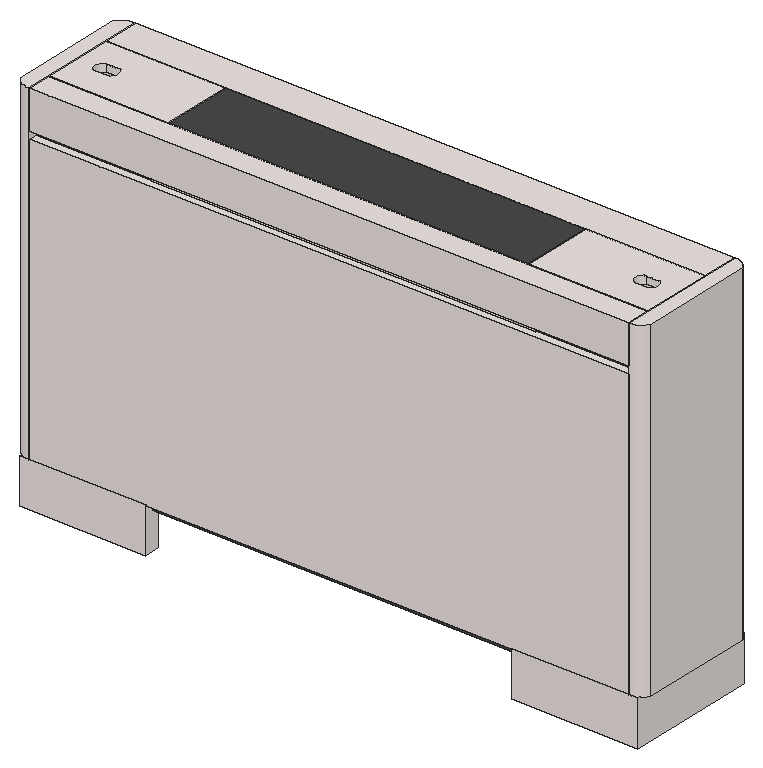
Revit family
Parameters (values of type "PFFY-P06NEMU-E")
  Width = 41 11/32"
  Type x Quantity = "Sirocco fan x 1"
  Subcategory = "HVAC"  # constant formula
  Specification URL = "http://www.mrslim.com/customerCare/resources.asp"
  Sound Pressure Levels (dB(A)) = "36 - 41 "
  SmartBIM Object Version = 3  # constant formula
  SmartBIM Object Created By = "Reed Construction Data"  # constant formula
  Power Source = "208/230, 1, 60"  # constant formula
  Manufacturer URL = "http://www.mrslim.com/customerCare/resources.asp"
  MCA = "0.32/0.34"
  MOCP = "15"
  Power Consumption Heating = "0.051 / 0.061 kW"
  Power Consumption Cooling = "0.051 / 0.061 kW"
  Model = "PFFY-P06NEMU-E"
  Manufacturer = "Mitsubishi Electric"  # constant formula
  Installation URL = "http://www.mrslim.com/customerCare/resources.asp"
  GENERAL FEATURE -01 = "R410A refrigerant"  # constant formula
  GENERAL FEATURE -02 = "Sizes P12 and up compatible with R22 refrigerant"  # constant formula
  GENERAL FEATURE -03 = "Floor-mounted “Low-Boy” unit is very compact"  # constant formula
  GENERAL FEATURE -04 = "Two-speed fan settings"  # constant formula
  GENERAL FEATURE -05 = "Multiple sizes up to 24,000 Btu/h"  # constant formula
  GENERAL FEATURE -06 = "Quiet operation: 36 - 46 dB(A)"  # constant formula
  Fan capacity (CFM) = "194-229"
  Fan Type = "Single phase induction motor"
  Fan Output = "0.015 kW"
  Unit Weight (LBS) = "51"
  Liquid Pipe Radius = 65/256"
  Refrigerant Pipe diameter (Liquid) = "1/4\""
  Height = 24 13/16"  # constant formula
  Heating Capacity (BTU) = "6700 "
  Gas pipe Radius = 1/2"
  Refrigerant Pipe diameter (Gas) = "1/2\""
  External Finish = Acrylic Paint
  Drainpipe Dimension = "1 1/32\""
  Drain Hose Radius = 101/128"
  Drain Hose = Steel Semi Polished
  Description = "Floor Mounted Exposed"  # constant formula
  Depth = 8 11/16"  # constant formula
  Power Current Heating = "0.25 / 0.27 A"
  Power Current Cooling = "0.25 / 0.27 A"
  Default Elevation = 48"
  Assembly Code = "D3050200"
  *Heating Capacity Condition = "Heating: Indoor 70°F (21°C) DB, Outdoor 47°F (8°C) DB / 43°F (6°C) WB"  # constant formula
  *Cooling Capacity Condition = "Cooling: Indoor 80°F (27°C) DB / 67°F (19°C) WB, Outdoor 95°F (35°C) DB"  # constant formula
  Cooling Capacity (BTU) = "6000 "
  Floor Mounting Hole Pitch = 25 25/128"
  Airflow Rate (Low - High) = "194 - 229 CFM"
  Air Supply Grille Depth = 4 185/256"
  Air Filter Width = 24 1/64"
  Air Supply Grille Width = 23 159/256"
  Air Supply Grille = Grille Meterial
  Air Filter Depth = 7 173/256"
  Air Filter = "Standard"
  95 CSI = "15760"  # constant formula
  04 CSI = "23 82 19"  # constant formula
  ** Ventilation Air condition = "providing sufficient ventilation air is an important part of every providing sufficient ventilation air is an important part of every requirements. Also check local codes."  # constant formula
Types (6): name | Width | Sound Pressure Levels (dB(A)) | MCA | Model | Fan capacity (CFM) | Unit Weight (LBS) | Refrigerant Pipe diameter (Liquid) | Heating Capacity (BTU) | Refrigerant Pipe diameter (Gas) | Cooling Capacity (BTU) | Floor Mounting Hole Pitch | Air Filter Width | Air Supply Grille Width
  PFFY-P06NEMU-E | 41 11/32" | "36 - 41 " | "0.32/0.34" | "PFFY-P06NEMU-E" | "194-229" | "51" | "1/4\"" | "6700 " | "1/2\"" | "6000 " | 25 25/128" | 24 1/64" | 23 159/256"
  PFFY-P08NEMU-E | 41 11/32" | "36 - 41 " | "0.32/0.34" | "PFFY-P08NEMU-E" | "194-229" | "51" | "1/4\"" | "9000" | "1/2\"" | "8000" | 25 25/128" | 24 1/64" | 23 159/256"
  PFFY-P12NEMU-E | 46 3/32" | "37 - 41 " | "0.34/0.38" | "PFFY-P12NEMU-E" | "247-317" | "56" | "1/4\"" | "13500" | "1/2\"" | "12000" | 29 59/64" | 28 189/256" | 28 89/256"
  PFFY-P15NEMU-E | 46 3/32" | "38-43" | "0.40/0.44" | "PFFY-P15NEMU-E" | "300-388" | "58" | "1/4\"" | "13500" | "1/2\"" | "12000" | 29 59/64" | 28 189/256" | 28 89/256"
  PFFY-P18NEMU-E | 55 17/32" | "38-43" | "0.48/0.53" | "PFFY-P18NEMU-E" | "353-459" | "67" | "1/4\"" | "20000" | "1/2\"" | "18000" | 39 95/256" | 38 3/16" | 37 51/64"
  PFFY-P24NEMU-E | 55 17/32" | "40-46" | "0.59/0.64" | "PFFY-P18NEMU-E" | "353-494" | "71" | "3/8\"" | "27000" | "5/8\"" | "24000" | 39 95/256" | 38 3/16" | 37 51/64"
Reference planes (in)
  plane 1 "Center (Front/Back)": y = 6.10643
  plane 2: z = 0
  plane 3 "Center (Left/Right)": x = -5.42807
  plane 4: x = -26.09994
  plane 5: x = 15.24381
  plane 6: y = 14.79393
  plane 7: y = 10.45018
  plane 8: z = 24.8125
  plane 9: x = -25.09994
  plane 10: x = 14.24381
  plane 11: z = 2.95276
  plane 12: x = -25.70624
  plane 13: x = 14.85011
  plane 14: y = 7.68124
  plane 15: y = 12.43173
  plane 16: z = 3.93701
  plane 17: y = 6.59856
  plane 18: y = 14.27573
  plane 19: z = 21.8125
  plane 20: z = 22.28494
  plane 21: z = 23.06299
  plane 22: z = 3.44488
  plane 23: x = -17.43852
  plane 24: x = 6.58239
  plane 25: z = 2.46063
  plane 26: z = 24.32037
Forms (in)
  Extrusion 1, solid, material "Acrylic Paint" <- "External Finish"
    sketch origin (0, 0, 0) x (1, 0, 0) y (0, 1, 0)
      loop
        arc (-26.09994, 6.68379) -> (-25.69163, 6.23631) -> (-25.09994, 6.10643) r 1.0006
        line (-25.09994, 6.10643) -> (-25.09994, 14.79393)
        arc (-25.09994, 14.79393) -> (-25.69163, 14.66406) -> (-26.09994, 14.21658) r 1.0006
        line (-26.09994, 14.21658) -> (-26.09994, 6.68379)
    from 2.95276 to 24.8125
  Extrusion 2, solid, material "Acrylic Paint" <- "External Finish"
    sketch origin (-10.85613, 0, 0) x (-1, 0, 0) y (0, -1, 0)
      loop
        line (-26.09994, -6.68379) -> (-26.09994, -14.21658)
        arc (-26.09994, -14.21658) -> (-25.69163, -14.66406) -> (-25.09994, -14.79393) r 1.0006
        line (-25.09994, -14.79393) -> (-25.09994, -6.10643)
        arc (-25.09994, -6.10643) -> (-25.69163, -6.23631) -> (-26.09994, -6.68379) r 1.0006
    from 2.95276 to 24.8125
  Extrusion 3, solid, material "Acrylic Paint" <- "External Finish"
    sketch origin (0, 0, 0) x (1, 0, 0) y (0, 1, 0)
      loop
        line (-25.70624, 6.10643) -> (-17.43852, 6.10643) -> (-17.43852, 7.10643) -> (-24.70624, 7.10643) -> (-24.70624, 13.76785) -> (-17.43852, 13.76785) -> (-17.43852, 14.79393) -> (-25.70624, 14.79393) -> (-25.70624, 6.10643)
    from 0 to 2.95276
  Extrusion 4, solid, material "Acrylic Paint" <- "External Finish"
    sketch origin (-10.85613, 0, 0) x (-1, 0, 0) y (0, -1, 0)
      loop
        line (-25.70624, -6.10643) -> (-25.70624, -14.79393) -> (-17.43852, -14.79393) -> (-17.43852, -13.76785) -> (-24.70624, -13.76785) -> (-24.70624, -7.10643) -> (-17.43852, -7.10643) -> (-17.43852, -6.10643) -> (-25.70624, -6.10643)
    from 0 to 2.95276
  Extrusion 5, solid, material "Acrylic Paint" <- "External Finish"
    sketch origin (0, 6.10643, 0) x (1, 0, 0) y (0, 0, 1)
      loop
        line (-25.09994, 2.95276) -> (14.24381, 2.95276) -> (14.24381, 21.8125) -> (-25.09994, 21.8125) -> (-25.09994, 2.95276)
    from -0.49213 to 0
  Extrusion 6, solid, material "Acrylic Paint" <- "External Finish"
    sketch origin (0, 14.76785, 0) x (1, 0, 0) y (0, 0, -1)
      loop
        line (-25.09994, -2.95276) -> (-25.09994, -21.8125) -> (14.24381, -21.8125) -> (14.24381, -2.95276) -> (-25.09994, -2.95276)
    from -0.49351 to 0.02608
  Extrusion 7, solid, material "Acrylic Paint" <- "External Finish"
    sketch origin (0, 6.10643, 0) x (1, 0, 0) y (0, 0, 1)
      loop
        line (-25.09994, 24.8125) -> (-25.09994, 22.28494) -> (14.24381, 22.28494) -> (14.24381, 24.8125) -> (-25.09994, 24.8125)
    from -1.5748 to 0
  Extrusion 8, solid, material "Acrylic Paint" <- "External Finish"
    sketch origin (0, 14.76785, 0) x (1, 0, 0) y (0, 0, -1)
      loop
        line (-25.09994, -24.8125) -> (14.24381, -24.8125) -> (14.24381, -23.06299) -> (-25.09994, -23.06299) -> (-25.09994, -24.8125)
    from -2.36396 to 0.02608
  Extrusion 9, solid, material "Acrylic Paint" <- "External Finish"
    sketch origin (0, 0, 0) x (1, 0, 0) y (0, 1, 0)
      loop
        line (-25.09994, 14.79393) -> (-25.09994, 6.10643) -> (-17.43852, 6.10643) -> (-17.43852, 14.79393) -> (-25.09994, 14.79393)
    from 2.95276 to 3.44488
  Extrusion 10, solid, material "Acrylic Paint" <- "External Finish"
    sketch origin (-10.85613, 0, 0) x (-1, 0, 0) y (0, -1, 0)
      loop
        line (-25.09994, -14.79393) -> (-17.43852, -14.79393) -> (-17.43852, -6.10643) -> (-25.09994, -6.10643) -> (-25.09994, -14.79393)
    from 2.95276 to 3.44488
  Extrusion 11, solid, material "Grille Meterial" <- "Air Supply Grille"
    sketch origin (0, 0, 0) x (1, 0, 0) y (0, 1, 0)
      loop
        line (6.58239, 14.27573) -> (-17.43323, 14.27573) -> (-17.43323, 6.59856) -> (6.58239, 6.59856) -> (6.58239, 14.27573)
    from 2.46063 to 2.95276
  Extrusion 12, solid, material "Grille Meterial" <- "Air Supply Grille"
    sketch origin (0, 0, 0) x (1, 0, 0) y (0, 1, 0)
      loop
        line (6.38554, 12.43173) -> (-17.24167, 12.43173) -> (-17.24167, 7.68124) -> (6.38554, 7.68124) -> (6.38554, 12.43173)
    from 24.32037 to 24.8125
  Extrusion 13, solid, material "Acrylic Paint" <- "External Finish"
    sketch origin (0, 0, 0) x (1, 0, 0) y (0, 1, 0)
      loop
        line (-25.09994, 12.43173) -> (-25.09994, 7.68124) -> (-17.24167, 7.68124) -> (-17.24167, 12.43173) -> (-25.09994, 12.43173)
      loop
        arc (-23.62356, 10.54861) -> (-23.91884, 10.05648) -> (-23.62356, 9.56436) r 0.55774
        line (-23.62356, 9.56436) -> (-22.71313, 9.56436)
        arc (-22.71313, 9.56436) -> (-22.41786, 10.05648) -> (-22.71313, 10.54861) r 0.55774
        line (-22.71313, 10.54861) -> (-23.62356, 10.54861)
    from 24.32037 to 24.8125
  Extrusion 14, solid, material "Acrylic Paint" <- "External Finish"
    sketch origin (0, 6.10643, 0) x (1, 0, 0) y (0, 0, 1)
      loop
        line (-17.43852, 3.93701) -> (7.75679, 3.93701) -> (7.75679, 24.32037) -> (-17.43852, 24.32037) -> (-17.43852, 3.93701)
    from -1.5748 to -0.49213
  Extrusion 15, solid, material "Acrylic Paint" <- "External Finish"
    sketch origin (0, 0, 0) x (1, 0, 0) y (0, 1, 0)
      loop
        line (-17.43852, 7.10643) -> (-17.43852, 13.76785) -> (-24.70624, 13.76785) -> (-24.70624, 7.10643) -> (-17.43852, 7.10643)
      loop
        line (-17.93065, 13.27573) -> (-24.21412, 13.27573) -> (-24.21412, 7.59856) -> (-17.93065, 7.59856) -> (-17.93065, 13.27573)
    from 3.44488 to 24.32037
  Extrusion 16, solid, material "Acrylic Paint" <- "External Finish"
    sketch origin (-10.85613, 0, 0) x (-1, 0, 0) y (0, -1, 0)
      loop
        line (-17.43852, -7.10643) -> (-24.70624, -7.10643) -> (-24.70624, -13.76785) -> (-17.43852, -13.76785) -> (-17.43852, -7.10643)
      loop
        line (-17.93065, -13.27573) -> (-17.93065, -7.59856) -> (-24.21412, -7.59856) -> (-24.21412, -13.27573) -> (-17.93065, -13.27573)
    from 3.44488 to 24.32037
  Extrusion 17, solid, material "Acrylic Paint" <- "External Finish"
    sketch origin (-10.85613, 0, 0) x (-1, 0, 0) y (0, -1, 0)
      loop
        line (-25.09994, -12.43173) -> (-17.24167, -12.43173) -> (-17.24167, -7.68124) -> (-25.09994, -7.68124) -> (-25.09994, -12.43173)
      loop
        line (-23.62356, -10.54861) -> (-22.71313, -10.54861)
        arc (-22.71313, -10.54861) -> (-22.41786, -10.05648) -> (-22.71313, -9.56436) r 0.55774
        line (-22.71313, -9.56436) -> (-23.62356, -9.56436)
        arc (-23.62356, -9.56436) -> (-23.91884, -10.05648) -> (-23.62356, -10.54861) r 0.55774
    from 24.32037 to 24.8125
  Extrusion 18, solid, material "Steel Semi Polished" <- "Drain Hose"
    sketch origin (-0.3937, 0, 0) x (1, 0, 0) y (0, 1, 0)
      loop
        circle (-17.86166, 10.45018) r 0.78906
    from 2.07947 to 2.95276
  Extrusion 19, solid, material "Steel Semi Polished" <- "Drain Hose"
    sketch origin (-5.42807, 0, 0) x (0, 1, 0) y (0, 0, 1)
      loop
        circle (9.27549, 19.41944) r 0.25391
    from -13.31718 to -12.01046
  Extrusion 20, solid, material "Steel Semi Polished" <- "Drain Hose"
    sketch origin (-5.42807, 0, -0.59055) x (0, 1, 0) y (0, 0, 1)
      loop
        circle (10.45018, 21.26255) r 0.5
    from -13.31718 to -12.01046
Cuts and joins
  joined: Extrusion 5, Extrusion 6, Extrusion 9, Extrusion 10
Dimensions and locks (in)
  equal spacing: plane 4, plane 3 "Center (Left/Right)", plane 5
  equal spacing: plane 6, plane 7, plane 1 "Center (Front/Back)"
  "Width": plane 4 to plane 5
  "Height": plane 8 to level
  "Depth": plane 6 to plane 1 "Center (Front/Back)"
  locked: plane 4 to plane 9 at 1
  locked: plane 10 to plane 5 at 1
  locked: plane 11 to level at 2.95276
  locked: plane 4 to plane 12 at 0.3937
  locked: plane 13 to plane 5 at 0.3937
  plane 1 "Center (Front/Back)" to plane 14 = 1.5748"
  locked: plane 6 to plane 15 at 2.3622
  locked: plane 16 to plane 11 at 0.98425
  locked: plane 1 "Center (Front/Back)" to plane 17 at 0.49213
  locked: plane 8 to plane 19 at 3
  locked: plane 20 to plane 19 at 0.47244
  locked: plane 22 to plane 11 at 0.49213
  locked: plane 4 to plane 23 at 8.66142
  locked: plane 24 to plane 5 at 8.66142
  locked: plane 11 to plane 25 at 0.49213
  locked: plane 8 to plane 26 at 0.49213
  "Air Filter Width": Extrusion 11 to Extrusion 11
  "Floor Mounting Hole Pitch": Extrusion 14 to Extrusion 14
  locked: Extrusion 17 sketch curve to plane 24 at 0.19685
  Extrusion 12 to Extrusion 12 = 4.75049"
  Extrusion 11 to Extrusion 11 = 7.67717"
  Extrusion 18 sketch curve to cut or joined group of Extrusion 5, Extrusion 6, Extrusion 9, Extrusion 10 = 0.81684"
  locked: Extrusion 19 to Extrusion 19 at 1.30672
  locked: Extrusion 20 to Extrusion 20 at 1.30672
  "Drain Hose Radius": radius of Extrusion 18 sketch curve
  "Liquid Pipe Radius": radius of Extrusion 19 sketch curve
  "Gas pipe Radius": radius of Extrusion 20 sketch curve
  aligned and locked: Extrusion 1 sketch curve to plane 4
  aligned and locked: Extrusion 1 sketch curve to plane 9
  aligned and locked: plane 6 to Extrusion 1 sketch curve
  aligned and locked: plane 4 to Extrusion 1 sketch curve
  aligned and locked: plane 1 "Center (Front/Back)" to Extrusion 1 sketch curve
  aligned and locked: Extrusion 2 to plane 5
  aligned and locked: Extrusion 2 to plane 10
  aligned and locked: Extrusion 2 sketch curve to plane 5
  aligned and locked: Extrusion 2 sketch curve to plane 10
  aligned and locked: plane 6 to Extrusion 2 sketch curve
  aligned and locked: plane 5 to Extrusion 2 sketch curve
  aligned and locked: plane 1 "Center (Front/Back)" to Extrusion 2 sketch curve
  aligned and locked: Extrusion 2 to plane 8
  aligned and locked: Extrusion 2 to plane 11
  aligned and locked: plane 1 "Center (Front/Back)" to Extrusion 3 sketch curve
  aligned and locked: plane 11 to Extrusion 3
  aligned and locked: Extrusion 3 to plane 12
  aligned and locked: Extrusion 5 sketch curve to plane 9
  aligned and locked: Extrusion 5 sketch curve to plane 11
  aligned and locked: Extrusion 5 sketch curve to plane 10
  aligned and locked: plane 1 "Center (Front/Back)" to Extrusion 5
  aligned and locked: plane 6 to Extrusion 6
  aligned and locked: Extrusion 5 to plane 17
  aligned: Extrusion 6 to plane 18
  aligned and locked: Extrusion 5 sketch curve to plane 19
  aligned and locked: Extrusion 6 sketch curve to plane 19
  aligned and locked: Extrusion 7 sketch curve to plane 8
  aligned and locked: Extrusion 7 sketch curve to plane 9
  aligned and locked: Extrusion 7 sketch curve to plane 10
  aligned and locked: Extrusion 7 to plane 14
  aligned and locked: plane 1 "Center (Front/Back)" to Extrusion 7
  aligned and locked: Extrusion 7 sketch curve to plane 20
  aligned and locked: plane 21 to Extrusion 8 sketch curve
  aligned and locked: plane 6 to Extrusion 8
  aligned: Extrusion 8 to plane 15
  aligned and locked: Extrusion 8 to plane 9
  aligned and locked: Extrusion 8 to plane 10
  aligned and locked: Extrusion 9 sketch curve to plane 6
  aligned and locked: Extrusion 9 sketch curve to plane 9
  aligned and locked: Extrusion 9 sketch curve to plane 1 "Center (Front/Back)"
  aligned and locked: plane 22 to Extrusion 9
  aligned and locked: Extrusion 9 to plane 11
  aligned and locked: plane 22 to Extrusion 10
  aligned and locked: Extrusion 10 to plane 11
  aligned and locked: Extrusion 10 sketch curve to plane 10
  aligned and locked: plane 1 "Center (Front/Back)" to Extrusion 10 sketch curve
  aligned and locked: plane 6 to Extrusion 10 sketch curve
  aligned and locked: plane 23 to cut or joined group of Extrusion 5, Extrusion 6, Extrusion 9, Extrusion 10
  aligned and locked: cut or joined group of Extrusion 5, Extrusion 6, Extrusion 9, Extrusion 10 to plane 24
  aligned and locked: plane 23 to Extrusion 3  (x2)
  aligned and locked: Extrusion 4 to plane 24  (x2)
  aligned and locked: plane 18 to Extrusion 11 sketch curve
  aligned and locked: Extrusion 11 sketch curve to plane 17
  aligned and locked: plane 11 to Extrusion 11
  aligned and locked: Extrusion 11 to plane 25
  aligned and locked: Extrusion 12 sketch curve to plane 15
  aligned and locked: Extrusion 12 sketch curve to plane 14
  aligned and locked: plane 8 to Extrusion 12
  aligned and locked: Extrusion 12 to plane 26
  aligned and locked: Extrusion 13 sketch curve to plane 15
  aligned and locked: Extrusion 13 sketch curve to plane 14
  aligned and locked: Extrusion 13 to plane 26
  aligned and locked: plane 8 to Extrusion 13
  aligned and locked: Extrusion 13 sketch curve to plane 9
  aligned and locked: Extrusion 15 sketch curve to Extrusion 3  (x3)
  aligned and locked: cut or joined group of Extrusion 5, Extrusion 6, Extrusion 9, Extrusion 10 to Extrusion 15 sketch curve
  aligned and locked: Extrusion 15 to plane 22
  aligned and locked: Extrusion 16 sketch curve to Extrusion 4  (x3)
  aligned and locked: Extrusion 16 sketch curve to cut or joined group of Extrusion 5, Extrusion 6, Extrusion 9, Extrusion 10
  aligned and locked: Extrusion 17 sketch curve to plane 10
  aligned and locked: plane 15 to Extrusion 17 sketch curve
  aligned and locked: plane 14 to Extrusion 17 sketch curve
  aligned and locked: plane 7 to Extrusion 18 sketch curve
  aligned and locked: Extrusion 18 to Extrusion 1
  aligned and locked: Extrusion 14 to Extrusion 19
  aligned and locked: Extrusion 14 to Extrusion 20
  aligned and locked: Extrusion 14 to plane 23
  aligned and locked: Extrusion 12 to Extrusion 15
  aligned and locked: Extrusion 16 to Extrusion 12
  aligned and locked: Extrusion 12 to Extrusion 17
  aligned and locked: plane 8 to Extrusion 17
  aligned and locked: plane 8 to Extrusion 1
Automatic sketch dimensions
  plane 9 to Extrusion 1 sketch curve = 0.09139"  (x2)
  Extrusion 1 sketch curve to plane 17 = 0.08522"
  Extrusion 1 sketch curve to plane 6 = 0.99642"
  plane 10 to Extrusion 2 sketch curve = 0.09139"  (x2)
  plane 17 to Extrusion 2 sketch curve = 0.08522"
  plane 6 to Extrusion 2 sketch curve = 0.99642"
  Extrusion 3 sketch curve to plane 6 = 0"
  Extrusion 3 sketch curve to plane 12 = 0"
  Extrusion 3 sketch curve to plane 23 = 0"  (x2)
  Extrusion 3 sketch curve to plane 9 = 0.3937"
  Extrusion 3 sketch curve to plane 17 = 0.50787"
  Extrusion 3 sketch curve to plane 18 = 0.50787"
  Extrusion 4 sketch curve to plane 6 = 0"
  Extrusion 4 sketch curve to plane 13 = 0"
  Extrusion 4 sketch curve to plane 24 = 0"  (x2)
  Extrusion 4 sketch curve to plane 1 "Center (Front/Back)" = 0"
  Extrusion 4 sketch curve to plane 10 = 0.3937"
  plane 17 to Extrusion 4 sketch curve = 0.50787"
  plane 18 to Extrusion 4 sketch curve = 0.50787"
  Extrusion 6 sketch curve to plane 9 = 0"
  Extrusion 6 sketch curve to plane 10 = 0"
  Extrusion 6 sketch curve to plane 11 = 0"
  Extrusion 8 sketch curve to plane 9 = 0"
  Extrusion 8 sketch curve to plane 8 = 0"
  Extrusion 8 sketch curve to plane 10 = 0"
  Extrusion 9 sketch curve to plane 23 = 0"
  Extrusion 10 sketch curve to plane 24 = 0"
  plane 23 to Extrusion 11 sketch curve = 0.00529"
  Extrusion 11 sketch curve to plane 24 = 0"
  plane 23 to Extrusion 12 sketch curve = 0.19685"
  Extrusion 12 sketch curve to plane 24 = 0.19685"
  plane 7 to Extrusion 13 sketch curve = 0.09843"
  Extrusion 13 sketch curve to plane 9 = 1.47638"
  Extrusion 13 sketch curve to Extrusion 13 sketch curve = 0"
  Extrusion 13 sketch curve to Extrusion 13 sketch curve = 0.26247"  (x3)
  Extrusion 13 sketch curve to Extrusion 13 sketch curve = 0.3855"
  plane 23 to Extrusion 13 sketch curve = 0.19685"
  Extrusion 13 sketch curve to plane 7 = 0.88583"
  Extrusion 14 sketch curve to plane 26 = 0"
  Extrusion 14 sketch curve to plane 16 = 0"
  plane 23 to Extrusion 14 sketch curve = 0"
  plane 24 to Extrusion 14 sketch curve = 1.1744"
  plane 14 to Extrusion 15 sketch curve = 0.08268"
  Extrusion 15 sketch curve to Extrusion 15 sketch curve = 0.49213"  (x2)
  Extrusion 15 sketch curve to plane 23 = 0.49213"
  Extrusion 16 sketch curve to plane 14 = 0.08268"
  Extrusion 16 sketch curve to Extrusion 16 sketch curve = 0.49213"  (x2)
  Extrusion 16 sketch curve to plane 24 = 0.49213"
  Extrusion 17 sketch curve to plane 7 = 0.09843"
  Extrusion 17 sketch curve to plane 10 = 1.47638"
  Extrusion 17 sketch curve to Extrusion 17 sketch curve = 0"
  Extrusion 17 sketch curve to Extrusion 17 sketch curve = 0.26247"  (x3)
  Extrusion 17 sketch curve to Extrusion 17 sketch curve = 0.3855"
  plane 7 to Extrusion 17 sketch curve = 0.88583"
  Extrusion 19 sketch curve to plane 7 = 1.17469"
  Extrusion 19 sketch curve to plane 19 = 2.39306"
  Extrusion 20 sketch curve to plane 7 = 0"
  Extrusion 20 sketch curve to plane 19 = 1.1405"
Connectors (in)
  piping at (-18.25536, 10.45018, 2.07947), driven by "Drain Hose Radius"
    settings: on Extrusion 18, index 1
  piping at (-18.74525, 10.45018, 20.672), driven by "Gas pipe Radius"
    settings: on Extrusion 20, index 2
  piping at (-18.74525, 9.27549, 19.41944), driven by "Liquid Pipe Radius"
    settings: on Extrusion 19, index 3
  hvac at (-5.42807, 10.05648, 24.8125), driven by "Air Supply Grille Width", driven by "Air Supply Grille Depth"
    settings: on Extrusion 12, index 4
  hvac at (-5.42542, 10.43714, 2.46063), driven by "Air Filter Depth", driven by "Air Filter Width"
    settings: on Extrusion 11, index 5
